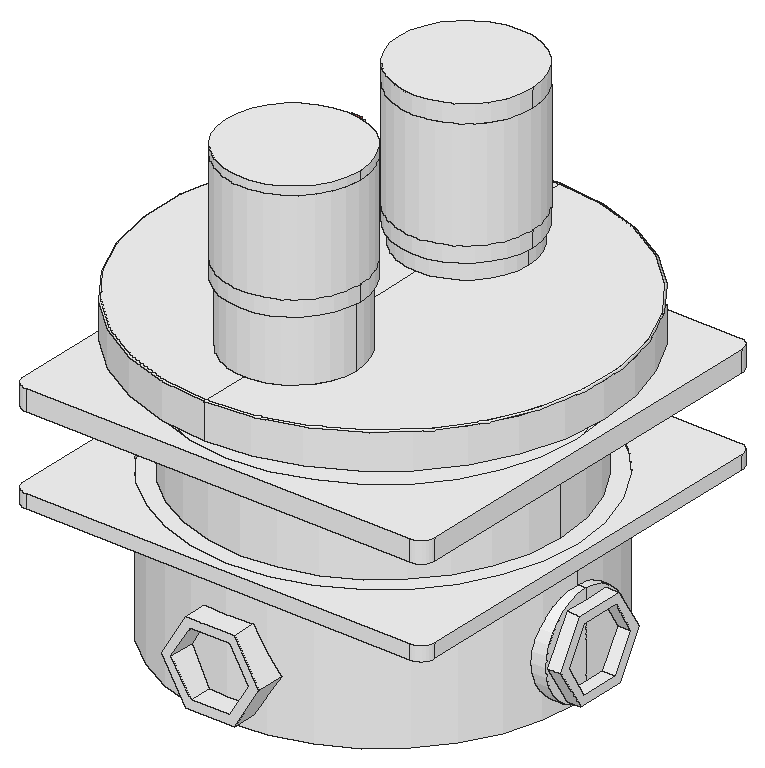
Revit family "Reece_Tap_Roca_T 1000_Shower Mixer_Thermostatic", category Plumbing Fixtures, host Face, Revit 2018
Family settings
  Host = Face
  Round Connector Dimension = Use Diameter
  Part Type = Normal
  Cut with Voids When Loaded = No
  Shared = Yes
  Room Calculation Point = Yes
Parameters (values of type "Chrome")
  WFU = 0  # constant formula
  URL = "https://www.reece.com.au/product/-9508625"
  Type Comments = "Tap"
  Reece_Product_Web Page = "https://www.reece.com.au/product/-9508625"
  Reece_Product_Type = "Tap"  # constant formula
  Reece_Product_Sub Brand = "T-1000"  # constant formula
  Reece_Product_Number = "9508625"
  Reece_Product_Mount = "Wall Mounted"
  Reece_Product_Description = "Roca T-1000 Concealed Thermostatic Shower Mixer Tap Chrome"
  Reece_Product_Brand = "Roca"  # constant formula
  Reece_Overall_Width = 160 mm  # constant formula
  Reece_Overall_Projection = 78 mm  # constant formula
  Reece_Overall_Length = 160 mm  # constant formula
  Reece_Mixer_Inlet = 19 mm  # constant formula
  Reece_Material_Tap_Hot = Render_Hot_Water_Cap
  Reece_Material_Tap_Cold = Reece_Metal_Hard Graphite
  Reece_Material-Main = Reece_Brass_Chrome
  Reece_Detail_Function = ""
  Reece_Detail_Disclaimer = "THIS FILE IS THE PROPERTY OF THE REECE GROUP. IT MAY NOT BE REPRODUCED, REVERSE-ENGINEERED OR MODIFIED. ANY REPUBLICATION, TRANSMISSION OR DISTRIBUTION FOR THE PURPOSE OF COMMERCIALLY EXPLOITING THE FILES IS PROHIBITED."  # constant formula
  Reece_Detail_Additional = "Thermostatic Shower Mixer"  # constant formula
  Model = "T-1000"
  Manufacturer = "Roca"
  Keynote = "Product #9508625, Reece_Tap_Roca_T 1000_Shower Mixer_Thermostatic - Chrome"
  HWFU = 0  # constant formula
  Disclaimer = "THIS FILE IS THE PROPERTY OF THE REECE GROUP. IT MAY NOT BE REPRODUCED, REVERSE-ENGINEERED OR MODIFIED. ANY REPUBLICATION, TRANSMISSION OR DISTRIBUTION FOR THE PURPOSE OF COMMERCIALLY EXPLOITING THE FILES IS PROHIBITED."  # constant formula
  Description = "Roca T-1000 Concealed Thermostatic Shower Mixer Tap Chrome"
  Default Elevation = 1000 mm
  CWFU = 0  # constant formula
Types (2, lengths in mm): name | Keynote
  (no name) | "Product #9508625, Reece_Tap_Roca_T 1000_Shower Mixer_Thermostatic -  "
  Chrome | "Product #9508625, Reece_Tap_Roca_T 1000_Shower Mixer_Thermostatic - Chrome"
Reference planes
  plane 1 "Center (Front/Back)": y = 0
  plane 2: z = 0
  plane 3 "Center (Left/Right)": x = 0
  plane 4: x = 80
  plane 5: x = -80
  plane 6: y = 80
  plane 7: y = -80
  plane 8: z = 78
  plane 9: z = -95
Forms (mm)
  Extrusion 1, void
    sketch origin (0, 0, 136.536) x (1, 0, 0) y (0, 1, 0)
      loop
        circle (0, 0) r 69
    from -146.501 to -136.536
  Extrusion 2, solid, material "Reece_Brass_Chrome" <- "Reece_Material-Main"
    sketch origin (0.236, 0, -23) x (1, 0, 0) y (0, 1, 0)
      loop
        circle (-0.236, 0) r 64
      loop
        circle (-0.236, 0) r 63
    from -20.896 to 5.5
  Extrusion 3, solid, material "Reece_Brass_Chrome" <- "Reece_Material-Main"
    sketch origin (0.236, 0, -31.5) x (1, 0, 0) y (0, 1, 0)
      loop
        circle (-0.236, 0) r 70
    from -63.5 to -13.5
  Extrusion 4, solid, material "Reece_Brass_Chrome" <- "Reece_Material-Main"
    sketch origin (0.236, 0, -23) x (1, 0, 0) y (0, 1, 0)
      loop
        arc (68.764, -74) -> (72.299, -72.536) -> (73.764, -69) r 5
        line (73.764, -69) -> (73.764, 69)
        arc (73.764, 69) -> (72.299, 72.536) -> (68.764, 74) r 5
        line (68.764, 74) -> (-69.236, 74)
        arc (-69.236, 74) -> (-72.772, 72.536) -> (-74.236, 69) r 5
        line (-74.236, 69) -> (-74.236, -69)
        arc (-74.236, -69) -> (-72.772, -72.536) -> (-69.236, -74) r 5
        line (-69.236, -74) -> (68.764, -74)
      loop
        circle (-0.236, 0) r 70
    from 5.5 to 13
  Extrusion 5, solid, material "Reece_Brass_Chrome" <- "Reece_Material-Main"
    sketch origin (0.236, 0, -50.5) x (1, 0, 0) y (0, 1, 0)
      loop
        arc (68.764, -74) -> (72.299, -72.536) -> (73.764, -69) r 5
        line (73.764, -69) -> (73.764, 69)
        arc (73.764, 69) -> (72.299, 72.536) -> (68.764, 74) r 5
        line (68.764, 74) -> (-69.236, 74)
        arc (-69.236, 74) -> (-72.772, 72.536) -> (-74.236, 69) r 5
        line (-74.236, 69) -> (-74.236, -69)
        arc (-74.236, -69) -> (-72.772, -72.536) -> (-69.236, -74) r 5
        line (-69.236, -74) -> (68.764, -74)
      loop
        circle (-0.236, 0) r 70
    from 1.633 to 6.604
  Revolve 6, solid, material "Reece_Brass_Chrome" <- "Reece_Material-Main"
    sketch origin (-50, 0, -48.945) x (-1, 0, 0) y (0, 0, -1)
      loop
        line (0, 26) -> (0, 8) -> (23.051, 8) -> (23.051, 26) -> (0, 26)
      axis (0, 26) -> (23.051, 26)
    angle from 0 to 360
  Extrusion 7, solid, material "Reece_Brass_Chrome" <- "Reece_Material-Main"
    sketch origin (-63, 0, -74.945) x (0, 1, 0) y (0, 0, -1)
      loop
        line (17.703, 0.19) -> (8.973, 14.813) -> (-8.559, 14.873) -> (-17.339, 0.233) -> (-8.613, -14.422) -> (8.934, -14.422) -> (17.703, 0.19)
      loop
        line (7.266, 11.819) -> (-6.863, 11.867) -> (-13.844, 0.227) -> (-6.907, -11.422) -> (7.236, -11.422) -> (14.206, 0.194) -> (7.266, 11.819)
    from -0.046 to 14.954
  Revolve 8, solid, material "Reece_Brass_Chrome" <- "Reece_Material-Main"
    sketch origin (0, -50, -48.945) x (0, -1, 0) y (0, 0, 1)
      loop
        line (-10, -26) -> (13.051, -26) -> (13.051, -8) -> (-10, -8) -> (-10, -26)
      axis (-10, -26) -> (13.051, -26)
    angle from 0 to 360
  Extrusion 9, solid, material "Reece_Brass_Chrome" <- "Reece_Material-Main"
    sketch origin (0, -63, -74.945) x (1, 0, 0) y (0, 0, 1)
      loop
        line (17.703, -0.19) -> (8.934, 14.422) -> (-8.613, 14.422) -> (-17.339, -0.233) -> (-8.559, -14.873) -> (8.973, -14.813) -> (17.703, -0.19)
      loop
        line (7.266, -11.819) -> (14.206, -0.194) -> (7.236, 11.422) -> (-6.907, 11.422) -> (-13.844, -0.227) -> (-6.863, -11.867) -> (7.266, -11.819)
    from -0.046 to 14.954
  Revolve 10, solid, material "Reece_Brass_Chrome" <- "Reece_Material-Main"
    sketch origin (0, 50, -48.945) x (0, 1, 0) y (0, 0, -1)
      loop
        line (-10, 26) -> (-10, 8) -> (13.051, 8) -> (13.051, 26) -> (-10, 26)
      axis (-10, 26) -> (13.051, 26)
    angle from 0 to 360
  Extrusion 11, solid, material "Reece_Brass_Chrome" <- "Reece_Material-Main"
    sketch origin (0, 63, -74.945) x (1, 0, 0) y (0, 0, -1)
      loop
        line (17.703, 0.19) -> (8.973, 14.813) -> (-8.559, 14.873) -> (-17.339, 0.233) -> (-8.613, -14.422) -> (8.934, -14.422) -> (17.703, 0.19)
      loop
        line (7.266, 11.819) -> (-6.863, 11.867) -> (-13.844, 0.227) -> (-6.907, -11.422) -> (7.236, -11.422) -> (14.206, 0.194) -> (7.266, 11.819)
    from -0.046 to 14.954
  Revolve 12, solid, material "Reece_Brass_Chrome" <- "Reece_Material-Main"
    sketch origin (50, 0, -48.945) x (1, 0, 0) y (0, 0, 1)
      loop
        line (0, -26) -> (23.051, -26) -> (23.051, -8) -> (0, -8) -> (0, -26)
      axis (0, -26) -> (23.051, -26)
    angle from 0 to 360
  Extrusion 13, solid, material "Reece_Brass_Chrome" <- "Reece_Material-Main"
    sketch origin (63, 0, -74.945) x (0, 1, 0) y (0, 0, 1)
      loop
        line (17.703, -0.19) -> (8.934, 14.422) -> (-8.613, 14.422) -> (-17.339, -0.233) -> (-8.559, -14.873) -> (8.973, -14.813) -> (17.703, -0.19)
      loop
        line (7.266, -11.819) -> (14.206, -0.194) -> (7.236, 11.422) -> (-6.907, 11.422) -> (-13.844, -0.227) -> (-6.863, -11.867) -> (7.266, -11.819)
    from -0.046 to 14.954
  Extrusion 14, solid, material "Reece_Brass_Chrome" <- "Reece_Material-Main"
    sketch origin (0, 1.186, 0) x (1, 0, 0) y (0, 1, 0)
      loop
        circle (0, 36.33) r 24
    from 19.222 to 24.763
  Extrusion 15, solid, material "Reece_Brass_Chrome" <- "Reece_Material-Main"
    sketch origin (0, 1.186, 35) x (1, 0, 0) y (0, 1, 0)
      loop
        line (3.393, 63.83) -> (-3.393, 63.83) -> (-3.393, 60.089)
        arc (-3.393, 60.089) -> (0, 12.33) -> (3.393, 60.089) r 24
        line (3.393, 60.089) -> (3.393, 63.83)
    from -10.237 to 29.152
  Revolve 16, solid, material "Reece_Brass_Chrome" <- "Reece_Material-Main"
    sketch origin (0, 0, 0) x (0, 1, 0) y (0, 0, 1)
      loop
        line (0, 0) -> (0, 13) -> (-79.491, 13)
        arc (-79.491, 13) -> (-79.851, 12.851) -> (-80, 12.491) r 0.509
        line (-80, 12.491) -> (-80, 0) -> (0, 0)
      axis (0, 13) -> (0, 0)
    angle from 0 to 360
  Extrusion 17, solid, material "Reece_Brass_Chrome" <- "Reece_Material-Main"
    sketch origin (0, 1.186, 0) x (1, 0, 0) y (0, 1, 0)
      loop
        circle (0, 36.33) r 22.5
    from 0 to 19.222
  Extrusion 18, solid, material "Reece_Brass_Chrome" <- "Reece_Material-Main"
    sketch origin (0, -76.314, 0) x (1, 0, 0) y (0, 1, 0)
      loop
        circle (0, 36.33) r 24
    from 35.851 to 41.394
  Extrusion 19, solid, material "Reece_Brass_Chrome" <- "Reece_Material-Main"
    sketch origin (0, -76.314, 35) x (1, 0, 0) y (0, 1, 0)
      loop
        line (3.393, 63.83) -> (-3.393, 63.83) -> (-3.393, 60.089)
        arc (-3.393, 60.089) -> (0, 12.33) -> (3.393, 60.089) r 24
        line (3.393, 60.089) -> (3.393, 63.83)
    from 6.394 to 40
  Extrusion 20, solid, material "Reece_Brass_Chrome" <- "Reece_Material-Main"
    sketch origin (0, -76.314, 0) x (1, 0, 0) y (0, 1, 0)
      loop
        circle (0, 36.33) r 22.5
    from 0 to 35.851
  Extrusion 21, solid, material "Render_Hot_Water_Cap" <- "Reece_Material_Tap_Hot"
    sketch origin (0, 0, 198.143) x (-1, 0, 0) y (0, -1, 0)
      loop
        line (1.751, 13.66) -> (-1.751, 13.66) -> (-1.751, 11.678) -> (1.751, 11.678) -> (1.751, 13.66)
    from -144.801 to -122.953
  Extrusion 22, solid, material "Reece_Brass_Chrome" <- "Reece_Material-Main"
    sketch origin (0, 1.186, 44.93) x (1, 0, 0) y (0, 1, 0)
      loop
        circle (0, 36.33) r 24
    from 19.222 to 25.643
  Extrusion 23, solid, material "Reece_Brass_Chrome" <- "Reece_Material-Main"
    sketch origin (0, -76.314, 39.149) x (1, 0, 0) y (0, 1, 0)
      loop
        circle (0, 36.33) r 24
    from 35.851 to 38.851
  Extrusion 24, solid, material "Reece_Metal_Hard Graphite" <- "Reece_Material_Tap_Cold"
    sketch origin (0, 77.5, 184.295) x (-1, 0, 0) y (0, -1, 0)
      loop
        line (1.751, 13.66) -> (-1.751, 13.66) -> (-1.751, 11.678) -> (1.751, 11.678) -> (1.751, 13.66)
    from -144.801 to -119.693
Cuts and joins
  joined: Extrusion 2, Extrusion 3, Extrusion 4, Extrusion 5, Revolve 6, Extrusion 7, Revolve 8, Extrusion 9, Revolve 10, Extrusion 11, Revolve 12, Extrusion 13
  joined: Extrusion 14, Extrusion 15, Revolve 16, Extrusion 17, Extrusion 18, Extrusion 19, Extrusion 20, Extrusion 22, Extrusion 23
Text (mm)
  text "Reece Copyright © 2018, Reece Ltd." at (-709.706, -411.325, 0), in view "Ref. Level"
  text "Reece ©" at (26.028, 191.606, 143.357), in view "Reece Preview"
Dimensions and locks
  "Reece_Overall_Projection": plane 8 to level
  "Reece_Overall_Width": plane 5 to plane 4
  equal spacing: plane 5, plane 3 "Center (Left/Right)", plane 4
  equal spacing: plane 6, plane 1 "Center (Front/Back)", plane 7
  level to plane 9 = 95 mm
  "Reece_Overall_Length": plane 6 to plane 7
  aligned and locked: plane 2 to host face
  aligned and locked: level to host face
Automatic sketch dimensions
  host sketch curve to host sketch curve = 400 mm  (x2)
  plane 1 "Center (Front/Back)" to Extrusion 1 sketch curve = 0 mm
  Extrusion 1 sketch curve to plane 3 "Center (Left/Right)" = 0 mm
  Extrusion 2 sketch curve to Extrusion 2 sketch curve = 0 mm  (x12)
  plane 1 "Center (Front/Back)" to Extrusion 2 sketch curve = 0 mm
  Extrusion 2 sketch curve to plane 3 "Center (Left/Right)" = 0 mm
  plane 5 to Extrusion 2 sketch curve = 17 mm
  Extrusion 2 sketch curve to Extrusion 2 sketch curve = 1 mm
  plane 1 "Center (Front/Back)" to Extrusion 3 sketch curve = 0 mm
  Extrusion 3 sketch curve to plane 3 "Center (Left/Right)" = 0 mm
  plane 1 "Center (Front/Back)" to Extrusion 4 sketch curve = 0 mm
  Extrusion 4 sketch curve to plane 3 "Center (Left/Right)" = 0 mm
  plane 5 to Extrusion 4 sketch curve = 11 mm  (x2)
  plane 7 to Extrusion 4 sketch curve = 6 mm
  Extrusion 4 sketch curve to Extrusion 4 sketch curve = 5 mm  (x2)
  plane 4 to Extrusion 4 sketch curve = 11 mm  (x2)
  plane 6 to Extrusion 4 sketch curve = 11 mm
  plane 1 "Center (Front/Back)" to Extrusion 5 sketch curve = 0 mm
  Extrusion 5 sketch curve to plane 3 "Center (Left/Right)" = 0 mm
  plane 5 to Extrusion 5 sketch curve = 11 mm  (x2)
  plane 7 to Extrusion 5 sketch curve = 6 mm
  Extrusion 5 sketch curve to Extrusion 5 sketch curve = 5 mm  (x2)
  plane 4 to Extrusion 5 sketch curve = 11 mm  (x2)
  plane 6 to Extrusion 5 sketch curve = 11 mm
  plane 5 to Revolve 6 sketch curve = 30 mm
  plane 5 to Revolve 6 sketch curve = 6.949 mm
  plane 9 to Revolve 6 sketch curve = 38.055 mm
  Revolve 6 sketch curve to Revolve 6 sketch curve = 18 mm
  Revolve 6 sketch curve to Revolve 6 sketch curve = 0 mm  (x2)
  Revolve 6 sketch curve to Revolve 6 sketch curve = 2.861 mm
  plane 1 "Center (Front/Back)" to Extrusion 7 sketch curve = 17.339 mm
  Extrusion 7 sketch curve to Extrusion 7 sketch curve = 3.495 mm
  plane 1 "Center (Front/Back)" to Extrusion 7 sketch curve = 8.613 mm
  plane 1 "Center (Front/Back)" to Extrusion 7 sketch curve = 8.559 mm
  Extrusion 7 sketch curve to Extrusion 7 sketch curve = 1.705 mm
  Extrusion 7 sketch curve to Extrusion 7 sketch curve = 1.695 mm
  Extrusion 7 sketch curve to plane 1 "Center (Front/Back)" = 7.236 mm
  Extrusion 7 sketch curve to plane 1 "Center (Front/Back)" = 7.266 mm
  Extrusion 7 sketch curve to Extrusion 7 sketch curve = 1.698 mm
  Extrusion 7 sketch curve to Extrusion 7 sketch curve = 1.706 mm
  Extrusion 7 sketch curve to Extrusion 7 sketch curve = 6.94 mm
  Extrusion 7 sketch curve to Extrusion 7 sketch curve = 3.496 mm
  plane 9 to Extrusion 7 sketch curve = 34.477 mm
  Extrusion 7 sketch curve to Extrusion 7 sketch curve = 3 mm
  Extrusion 7 sketch curve to Extrusion 7 sketch curve = 11.612 mm
  Extrusion 7 sketch curve to Extrusion 7 sketch curve = 0.004 mm
  Extrusion 7 sketch curve to Extrusion 7 sketch curve = 11.649 mm
  Extrusion 7 sketch curve to Extrusion 7 sketch curve = 0.006 mm
  plane 9 to Extrusion 7 sketch curve = 8.236 mm
  plane 9 to Extrusion 7 sketch curve = 8.188 mm
  Extrusion 7 sketch curve to Extrusion 7 sketch curve = 2.994 mm
  Extrusion 7 sketch curve to Extrusion 7 sketch curve = 3.006 mm
  plane 1 "Center (Front/Back)" to Revolve 8 sketch curve = 40 mm
  plane 7 to Revolve 8 sketch curve = 16.949 mm
  plane 9 to Revolve 8 sketch curve = 20.055 mm
  Revolve 8 sketch curve to Revolve 8 sketch curve = 18 mm
  Revolve 8 sketch curve to Revolve 8 sketch curve = 0 mm  (x2)
  Revolve 8 sketch curve to Revolve 8 sketch curve = 2.861 mm
  Extrusion 9 sketch curve to plane 3 "Center (Left/Right)" = 17.339 mm
  Extrusion 9 sketch curve to Extrusion 9 sketch curve = 3.495 mm
  Extrusion 9 sketch curve to plane 3 "Center (Left/Right)" = 8.613 mm
  Extrusion 9 sketch curve to plane 3 "Center (Left/Right)" = 8.559 mm
  Extrusion 9 sketch curve to Extrusion 9 sketch curve = 1.705 mm
  Extrusion 9 sketch curve to Extrusion 9 sketch curve = 1.695 mm
  plane 3 "Center (Left/Right)" to Extrusion 9 sketch curve = 7.236 mm
  plane 3 "Center (Left/Right)" to Extrusion 9 sketch curve = 7.266 mm
  Extrusion 9 sketch curve to Extrusion 9 sketch curve = 1.698 mm
  Extrusion 9 sketch curve to Extrusion 9 sketch curve = 1.706 mm
  Extrusion 9 sketch curve to Extrusion 9 sketch curve = 6.94 mm
  Extrusion 9 sketch curve to Extrusion 9 sketch curve = 3.496 mm
  plane 9 to Extrusion 9 sketch curve = 5.182 mm
  plane 9 to Extrusion 9 sketch curve = 5.242 mm
  Extrusion 9 sketch curve to Extrusion 9 sketch curve = 3.006 mm
  Extrusion 9 sketch curve to Extrusion 9 sketch curve = 2.994 mm
  Extrusion 9 sketch curve to Extrusion 9 sketch curve = 11.635 mm
  Extrusion 9 sketch curve to Extrusion 9 sketch curve = 0.006 mm
  Extrusion 9 sketch curve to Extrusion 9 sketch curve = 11.625 mm
  Extrusion 9 sketch curve to Extrusion 9 sketch curve = 0.004 mm
  Extrusion 9 sketch curve to Extrusion 9 sketch curve = 11.616 mm
  Extrusion 9 sketch curve to Extrusion 9 sketch curve = 3 mm
  Revolve 10 sketch curve to plane 1 "Center (Front/Back)" = 40 mm
  plane 6 to Revolve 10 sketch curve = 16.949 mm
  plane 9 to Revolve 10 sketch curve = 38.055 mm
  Revolve 10 sketch curve to Revolve 10 sketch curve = 18 mm
  Revolve 10 sketch curve to Revolve 10 sketch curve = 0 mm  (x2)
  Revolve 10 sketch curve to Revolve 10 sketch curve = 2.861 mm
  Extrusion 11 sketch curve to plane 3 "Center (Left/Right)" = 17.339 mm
  Extrusion 11 sketch curve to Extrusion 11 sketch curve = 3.495 mm
  Extrusion 11 sketch curve to plane 3 "Center (Left/Right)" = 8.613 mm
  Extrusion 11 sketch curve to plane 3 "Center (Left/Right)" = 8.559 mm
  Extrusion 11 sketch curve to Extrusion 11 sketch curve = 1.705 mm
  Extrusion 11 sketch curve to Extrusion 11 sketch curve = 1.695 mm
  plane 3 "Center (Left/Right)" to Extrusion 11 sketch curve = 7.236 mm
  plane 3 "Center (Left/Right)" to Extrusion 11 sketch curve = 7.266 mm
  Extrusion 11 sketch curve to Extrusion 11 sketch curve = 1.698 mm
  Extrusion 11 sketch curve to Extrusion 11 sketch curve = 1.706 mm
  Extrusion 11 sketch curve to Extrusion 11 sketch curve = 6.94 mm
  Extrusion 11 sketch curve to Extrusion 11 sketch curve = 3.496 mm
  plane 9 to Extrusion 11 sketch curve = 34.477 mm
  Extrusion 11 sketch curve to Extrusion 11 sketch curve = 3 mm
  Extrusion 11 sketch curve to Extrusion 11 sketch curve = 11.612 mm
  Extrusion 11 sketch curve to Extrusion 11 sketch curve = 0.004 mm
  Extrusion 11 sketch curve to Extrusion 11 sketch curve = 11.649 mm
  Extrusion 11 sketch curve to Extrusion 11 sketch curve = 0.006 mm
  plane 9 to Extrusion 11 sketch curve = 8.236 mm
  plane 9 to Extrusion 11 sketch curve = 8.188 mm
  Extrusion 11 sketch curve to Extrusion 11 sketch curve = 2.994 mm
  Extrusion 11 sketch curve to Extrusion 11 sketch curve = 3.006 mm
  plane 4 to Revolve 12 sketch curve = 30 mm
  plane 4 to Revolve 12 sketch curve = 6.949 mm
  plane 9 to Revolve 12 sketch curve = 20.055 mm
  Revolve 12 sketch curve to Revolve 12 sketch curve = 18 mm
  Revolve 12 sketch curve to Revolve 12 sketch curve = 0 mm  (x2)
  Revolve 12 sketch curve to Revolve 12 sketch curve = 2.861 mm
  plane 1 "Center (Front/Back)" to Extrusion 13 sketch curve = 17.339 mm
  Extrusion 13 sketch curve to Extrusion 13 sketch curve = 3.495 mm
  plane 1 "Center (Front/Back)" to Extrusion 13 sketch curve = 8.613 mm
  plane 1 "Center (Front/Back)" to Extrusion 13 sketch curve = 8.559 mm
  Extrusion 13 sketch curve to Extrusion 13 sketch curve = 1.705 mm
  Extrusion 13 sketch curve to Extrusion 13 sketch curve = 1.695 mm
  Extrusion 13 sketch curve to plane 1 "Center (Front/Back)" = 7.236 mm
  Extrusion 13 sketch curve to plane 1 "Center (Front/Back)" = 7.266 mm
  Extrusion 13 sketch curve to Extrusion 13 sketch curve = 1.698 mm
  Extrusion 13 sketch curve to Extrusion 13 sketch curve = 1.706 mm
  Extrusion 13 sketch curve to Extrusion 13 sketch curve = 6.94 mm
  Extrusion 13 sketch curve to Extrusion 13 sketch curve = 3.496 mm
  plane 9 to Extrusion 13 sketch curve = 5.182 mm
  plane 9 to Extrusion 13 sketch curve = 5.242 mm
  Extrusion 13 sketch curve to Extrusion 13 sketch curve = 3.006 mm
  Extrusion 13 sketch curve to Extrusion 13 sketch curve = 2.994 mm
  Extrusion 13 sketch curve to Extrusion 13 sketch curve = 11.635 mm
  Extrusion 13 sketch curve to Extrusion 13 sketch curve = 0.006 mm
  Extrusion 13 sketch curve to Extrusion 13 sketch curve = 11.625 mm
  Extrusion 13 sketch curve to Extrusion 13 sketch curve = 0.004 mm
  Extrusion 13 sketch curve to Extrusion 13 sketch curve = 11.616 mm
  Extrusion 13 sketch curve to Extrusion 13 sketch curve = 3 mm
  Extrusion 14 sketch curve to plane 3 "Center (Left/Right)" = 0 mm
  Extrusion 14 sketch curve to plane 1 "Center (Front/Back)" = 37.516 mm
  Extrusion 15 sketch curve to plane 3 "Center (Left/Right)" = 0 mm
  Extrusion 15 sketch curve to plane 3 "Center (Left/Right)" = 3.393 mm
  plane 3 "Center (Left/Right)" to Extrusion 15 sketch curve = 3.393 mm
  Extrusion 15 sketch curve to plane 1 "Center (Front/Back)" = 37.516 mm
  plane 6 to Extrusion 15 sketch curve = 18.725 mm
  Extrusion 15 sketch curve to Extrusion 15 sketch curve = 3.742 mm
  Revolve 16 sketch curve to level = 0 mm
  Revolve 16 sketch curve to plane 7 = 0 mm
  Revolve 16 sketch curve to plane 1 "Center (Front/Back)" = 0 mm  (x2)
  plane 7 to Revolve 16 sketch curve = 0.509 mm
  level to Revolve 16 sketch curve = 12.491 mm
  Revolve 16 sketch curve to level = 8.297 mm
  Revolve 16 sketch curve to Revolve 16 sketch curve = 8.703 mm
  Extrusion 17 sketch curve to plane 3 "Center (Left/Right)" = 0 mm
  Extrusion 17 sketch curve to plane 1 "Center (Front/Back)" = 37.516 mm
  Extrusion 18 sketch curve to plane 3 "Center (Left/Right)" = 0 mm
  plane 1 "Center (Front/Back)" to Extrusion 18 sketch curve = 39.984 mm
  Extrusion 19 sketch curve to plane 3 "Center (Left/Right)" = 0 mm
  Extrusion 19 sketch curve to plane 3 "Center (Left/Right)" = 3.393 mm
  plane 3 "Center (Left/Right)" to Extrusion 19 sketch curve = 3.393 mm
  plane 1 "Center (Front/Back)" to Extrusion 19 sketch curve = 39.984 mm
  plane 1 "Center (Front/Back)" to Extrusion 19 sketch curve = 16.225 mm
  Extrusion 19 sketch curve to Extrusion 19 sketch curve = 3.742 mm
  Extrusion 20 sketch curve to plane 3 "Center (Left/Right)" = 0 mm
  plane 1 "Center (Front/Back)" to Extrusion 20 sketch curve = 39.984 mm
  plane 3 "Center (Left/Right)" to Extrusion 21 sketch curve = 1.751 mm
  Extrusion 21 sketch curve to plane 3 "Center (Left/Right)" = 1.751 mm
  plane 1 "Center (Front/Back)" to Extrusion 21 sketch curve = 11.678 mm
  Extrusion 21 sketch curve to Extrusion 21 sketch curve = 1.981 mm
  Extrusion 22 sketch curve to plane 3 "Center (Left/Right)" = 0 mm
  Extrusion 22 sketch curve to plane 1 "Center (Front/Back)" = 37.516 mm
  Extrusion 23 sketch curve to plane 3 "Center (Left/Right)" = 0 mm
  plane 1 "Center (Front/Back)" to Extrusion 23 sketch curve = 39.984 mm
  plane 3 "Center (Left/Right)" to Extrusion 24 sketch curve = 1.751 mm
  Extrusion 24 sketch curve to plane 3 "Center (Left/Right)" = 1.751 mm
  plane 6 to Extrusion 24 sketch curve = 14.178 mm
  Extrusion 24 sketch curve to Extrusion 24 sketch curve = 1.981 mm
  radius of Extrusion 1 sketch curve = 69 mm
  radius of Extrusion 3 sketch curve = 70 mm
  radius of Extrusion 4 sketch curve = 70 mm
  radius of Extrusion 5 sketch curve = 70 mm
  radius of Extrusion 14 sketch curve = 24 mm
  radius of Extrusion 17 sketch curve = 22.5 mm
  radius of Extrusion 18 sketch curve = 24 mm
  radius of Extrusion 20 sketch curve = 22.5 mm
  radius of Extrusion 22 sketch curve = 24 mm
  radius of Extrusion 23 sketch curve = 24 mm
Connectors
  piping at (0.182, 77.954, -75.156), diameter 19, driven by "Reece_Mixer_Inlet"
    settings: on cut or joined group 1 (Extrusion 2, Extrusion 3, Extrusion 4, Extrusion 5, Revolve 6, Extrusion 7, Revolve 8, Extrusion 9, Revolve 10, Extrusion 11, Revolve 12, Extrusion 13), index 1, connector inside diameter 609.6 mm, connector length 0 mm, flow factor 0, pipe flow 0.0 L/s, pressure drop 0.0 Pa, fitting loss kfactor 0, connector angle 0.00°, fixture units 0, engagement length 0 mm, angle of deflection 0.00°, flow configuration 0, flow direction 2, fitting loss method 0, system type 29, joint type 0, gender type 0, connector reference index -1, connector utility 0, adjustable connector no, is connector primary yes, connector description ""
  piping at (77.954, 0.182, -75.156), diameter 19, driven by "Reece_Mixer_Inlet"
    settings: on cut or joined group 1, index 2, connector inside diameter 609.6 mm, connector length 0 mm, flow factor 0, pipe flow 0.0 L/s, pressure drop 0.0 Pa, fitting loss kfactor 0, connector angle 0.00°, fixture units 0, engagement length 0 mm, angle of deflection 0.00°, flow configuration 0, flow direction 1, fitting loss method 0, system type 29, joint type 0, gender type 0, connector reference index -1, connector utility 0, adjustable connector no, is connector primary no, connector description ""
  piping at (0.182, -77.954, -75.156), diameter 19, driven by "Reece_Mixer_Inlet"
    settings: on cut or joined group 1, index 3, connector inside diameter 609.6 mm, connector length 0 mm, flow factor 0, pipe flow 0.0 L/s, pressure drop 0.0 Pa, fitting loss kfactor 0, connector angle 0.00°, fixture units 0, engagement length 0 mm, angle of deflection 0.00°, flow configuration 0, flow direction 2, fitting loss method 0, system type 29, joint type 0, gender type 0, connector reference index -1, connector utility 0, adjustable connector no, is connector primary no, connector description ""
  piping at (-77.954, 0.182, -75.156), diameter 19, driven by "Reece_Mixer_Inlet"
    settings: on cut or joined group 1, index 4, connector inside diameter 609.6 mm, connector length 0 mm, flow factor 0, pipe flow 0.0 L/s, pressure drop 0.0 Pa, fitting loss kfactor 0, connector angle 0.00°, fixture units 0, engagement length 0 mm, angle of deflection 0.00°, flow configuration 0, flow direction 1, fitting loss method 0, system type 29, joint type 0, gender type 0, connector reference index -1, connector utility 0, adjustable connector no, is connector primary no, connector description ""
